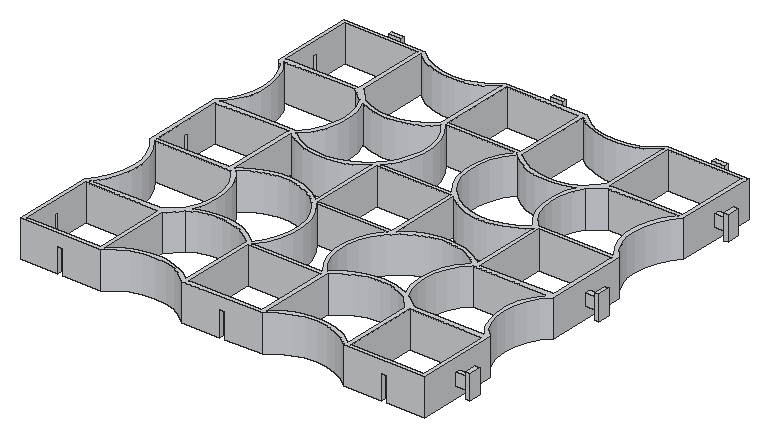
Revit family "E30", category Generic Models, Revit 2014
Parameters
  Model = "Ecoraster E30"
Reference planes
  plane 1 "Center (Front/Back)": y = 0
  plane 2: z = 0
  plane 3 "Center (Left/Right)": x = 0
  plane 4: y = 165
  plane 5: y = 297
  plane 6: y = 33
  plane 7: x = 33
  plane 8: x = 165
  plane 9: x = 297
  plane 10: y = 302
  plane 11: y = 292
  plane 12: y = 299
  plane 13: y = 295
Forms (mm)
  Extrusion 1, solid, detail levels fine
    sketch origin (0, 0, 0) x (1, 0, 0) y (0, 1, 0)
      loop
        line (66, 330) -> (0, 330) -> (0, 264)
        arc (0, 264) -> (13.669, 231) -> (0, 198) r 46.669
        line (0, 198) -> (0, 132)
        arc (0, 132) -> (13.669, 99) -> (0, 66) r 46.669
        line (0, 66) -> (0, 0) -> (66, 0)
        arc (66, 0) -> (99, 13.669) -> (132, 0) r 46.669
        line (132, 0) -> (198, 0)
        arc (198, 0) -> (231, 13.669) -> (264, 0) r 46.669
        line (264, 0) -> (330, 0) -> (330, 66)
        arc (330, 66) -> (316.331, 99) -> (330, 132) r 46.669
        line (330, 132) -> (330, 198)
        arc (330, 198) -> (316.331, 231) -> (330, 264) r 46.669
        line (330, 264) -> (330, 330) -> (264, 330)
        arc (264, 330) -> (231, 316.331) -> (198, 330) r 46.669
        line (198, 330) -> (132, 330)
        arc (132, 330) -> (99, 316.331) -> (66, 330) r 46.669
      loop
        line (3, 327) -> (3, 267) -> (63, 267) -> (63, 327) -> (3, 327)
      loop
        line (66, 325.878) -> (66, 268.122) -> (75.524, 256.665)
        arc (75.524, 256.665) -> (105.011, 250.72) -> (132, 264) r 46.669
        line (132, 264) -> (132, 325.878)
        arc (132, 325.878) -> (99, 313.331) -> (66, 325.878) r 49.669
      loop
        line (195, 327) -> (135, 327) -> (135, 267) -> (195, 267) -> (195, 327)
      loop
        line (198, 325.878) -> (198, 264)
        arc (198, 264) -> (224.989, 250.72) -> (254.476, 256.665) r 46.669
        line (254.476, 256.665) -> (264, 268.122) -> (264, 325.878)
        arc (264, 325.878) -> (231, 313.331) -> (198, 325.878) r 49.669
      loop
        line (327, 327) -> (267, 327) -> (267, 267) -> (327, 267) -> (327, 327)
      loop
        line (61.878, 264) -> (4.122, 264)
        arc (4.122, 264) -> (16.669, 231) -> (4.122, 198) r 49.669
        line (4.122, 198) -> (66, 198)
        arc (66, 198) -> (79.28, 224.989) -> (73.335, 254.476) r 46.669
        line (73.335, 254.476) -> (61.878, 264)
      loop
        arc (78.021, 251.979) -> (81.922, 222.416) -> (68.19, 195.947) r 49.669
        arc (68.19, 195.947) -> (132, 198) -> (134.053, 261.81) r 46.669
        arc (134.053, 261.81) -> (107.584, 248.078) -> (78.021, 251.979) r 49.669
      loop
        arc (136.122, 264) -> (148.669, 231) -> (136.122, 198) r 49.669
        line (136.122, 198) -> (193.878, 198)
        arc (193.878, 198) -> (181.331, 231) -> (193.878, 264) r 49.669
        line (193.878, 264) -> (136.122, 264)
      loop
        arc (195.947, 261.81) -> (198, 198) -> (261.81, 195.947) r 46.669
        arc (261.81, 195.947) -> (248.078, 222.416) -> (251.979, 251.979) r 49.669
        arc (251.979, 251.979) -> (222.416, 248.078) -> (195.947, 261.81) r 49.669
      loop
        line (268.122, 264) -> (256.665, 254.476)
        arc (256.665, 254.476) -> (250.72, 224.989) -> (264, 198) r 46.669
        line (264, 198) -> (325.878, 198)
        arc (325.878, 198) -> (313.331, 231) -> (325.878, 264) r 49.669
        line (325.878, 264) -> (268.122, 264)
      loop
        line (3, 195) -> (3, 135) -> (63, 135) -> (63, 195) -> (3, 195)
      loop
        line (66, 193.878) -> (66, 136.122)
        arc (66, 136.122) -> (99, 148.669) -> (132, 136.122) r 49.669
        line (132, 136.122) -> (132, 193.878)
        arc (132, 193.878) -> (99, 181.331) -> (66, 193.878) r 49.669
      loop
        line (195, 195) -> (135, 195) -> (135, 135) -> (195, 135) -> (195, 195)
      loop
        line (198, 193.878) -> (198, 136.122)
        arc (198, 136.122) -> (231, 148.669) -> (264, 136.122) r 49.669
        line (264, 136.122) -> (264, 193.878)
        arc (264, 193.878) -> (231, 181.331) -> (198, 193.878) r 49.669
      loop
        line (327, 195) -> (267, 195) -> (267, 135) -> (327, 135) -> (327, 195)
      loop
        line (66, 132) -> (4.122, 132)
        arc (4.122, 132) -> (16.669, 99) -> (4.122, 66) r 49.669
        line (4.122, 66) -> (61.878, 66) -> (73.335, 75.524)
        arc (73.335, 75.524) -> (79.28, 105.011) -> (66, 132) r 46.669
      loop
        arc (134.053, 68.19) -> (132, 132) -> (68.19, 134.053) r 46.669
        arc (68.19, 134.053) -> (81.922, 107.584) -> (78.021, 78.021) r 49.669
        arc (78.021, 78.021) -> (107.584, 81.922) -> (134.053, 68.19) r 49.669
      loop
        arc (136.122, 132) -> (148.669, 99) -> (136.122, 66) r 49.669
        line (136.122, 66) -> (193.878, 66)
        arc (193.878, 66) -> (181.331, 99) -> (193.878, 132) r 49.669
        line (193.878, 132) -> (136.122, 132)
      loop
        arc (261.81, 134.053) -> (198, 132) -> (195.947, 68.19) r 46.669
        arc (195.947, 68.19) -> (222.416, 81.922) -> (251.979, 78.021) r 49.669
        arc (251.979, 78.021) -> (248.078, 107.584) -> (261.81, 134.053) r 49.669
      loop
        arc (264, 132) -> (250.72, 105.011) -> (256.665, 75.524) r 46.669
        line (256.665, 75.524) -> (268.122, 66) -> (325.878, 66)
        arc (325.878, 66) -> (313.331, 99) -> (325.878, 132) r 49.669
        line (325.878, 132) -> (264, 132)
      loop
        line (63, 63) -> (3, 63) -> (3, 3) -> (63, 3) -> (63, 63)
      loop
        arc (132, 66) -> (105.011, 79.28) -> (75.524, 73.335) r 46.669
        line (75.524, 73.335) -> (66, 61.878) -> (66, 4.122)
        arc (66, 4.122) -> (99, 16.669) -> (132, 4.122) r 49.669
        line (132, 4.122) -> (132, 66)
      loop
        line (135, 63) -> (135, 3) -> (195, 3) -> (195, 63) -> (135, 63)
      loop
        arc (254.476, 73.335) -> (224.989, 79.28) -> (198, 66) r 46.669
        line (198, 66) -> (198, 4.122)
        arc (198, 4.122) -> (231, 16.669) -> (264, 4.122) r 49.669
        line (264, 4.122) -> (264, 61.878) -> (254.476, 73.335)
      loop
        line (267, 63) -> (267, 3) -> (327, 3) -> (327, 63) -> (267, 63)
    from 0 to 30
  Extrusion 2, solid, detail levels medium+fine
    sketch origin (0, 0, 0) x (1, 0, 0) y (0, 1, 0)
      loop
        line (330, 299) -> (330, 295) -> (340.742, 295) -> (340.742, 299) -> (330, 299)
    from 10 to 20
  Extrusion 3, solid, detail levels medium+fine
    sketch origin (0, 0, 0) x (1, 0, 0) y (0, 1, 0)
      loop
        line (340.742, 302) -> (340.742, 292) -> (344.123, 292) -> (344.123, 302) -> (340.742, 302)
    from 5 to 25
  Extrusion 4, solid, detail levels medium+fine
    sketch origin (0, -132, 0) x (1, 0, 0) y (0, 1, 0)
      loop
        line (330, 299) -> (330, 295) -> (340.742, 295) -> (340.742, 299) -> (330, 299)
    from 10 to 20
  Extrusion 5, solid, detail levels medium+fine
    sketch origin (0, -132, 0) x (1, 0, 0) y (0, 1, 0)
      loop
        line (340.742, 302) -> (340.742, 292) -> (344.123, 292) -> (344.123, 302) -> (340.742, 302)
    from 5 to 25
  Extrusion 6, solid, detail levels medium+fine
    sketch origin (0, -264, 0) x (1, 0, 0) y (0, 1, 0)
      loop
        line (330, 299) -> (330, 295) -> (340.742, 295) -> (340.742, 299) -> (330, 299)
    from 10 to 20
  Extrusion 7, solid, detail levels medium+fine
    sketch origin (0, -264, 0) x (1, 0, 0) y (0, 1, 0)
      loop
        line (340.742, 302) -> (340.742, 292) -> (344.123, 292) -> (344.123, 302) -> (340.742, 302)
    from 5 to 25
  Extrusion 8, solid, detail levels medium+fine
    sketch origin (594, 0, 0) x (0, 1, 0) y (-1, 0, 0)
      loop
        line (330, 299) -> (330, 295) -> (340.742, 295) -> (340.742, 299) -> (330, 299)
    from 10 to 20
  Extrusion 9, solid, detail levels medium+fine
    sketch origin (594, 0, 0) x (0, 1, 0) y (-1, 0, 0)
      loop
        line (340.742, 302) -> (340.742, 292) -> (344.123, 292) -> (344.123, 302) -> (340.742, 302)
    from 5 to 25
  Extrusion 10, solid, detail levels medium+fine
    sketch origin (462, 0, 0) x (0, 1, 0) y (-1, 0, 0)
      loop
        line (330, 299) -> (330, 295) -> (340.742, 295) -> (340.742, 299) -> (330, 299)
    from 10 to 20
  Extrusion 11, solid, detail levels medium+fine
    sketch origin (462, 0, 0) x (0, 1, 0) y (-1, 0, 0)
      loop
        line (340.742, 302) -> (340.742, 292) -> (344.123, 292) -> (344.123, 302) -> (340.742, 302)
    from 5 to 25
  Extrusion 12, solid, detail levels medium+fine
    sketch origin (330, 0, 0) x (0, 1, 0) y (-1, 0, 0)
      loop
        line (330, 299) -> (330, 295) -> (340.742, 295) -> (340.742, 299) -> (330, 299)
    from 10 to 20
  Extrusion 13, solid, detail levels medium+fine
    sketch origin (330, 0, 0) x (0, 1, 0) y (-1, 0, 0)
      loop
        line (340.742, 302) -> (340.742, 292) -> (344.123, 292) -> (344.123, 302) -> (340.742, 302)
    from 5 to 25
  Extrusion 14, void, detail levels fine
    sketch origin (0, 0, 0) x (1, 0, 0) y (0, 1, 0)
      loop
        line (0, 299) -> (0, 295) -> (3, 295) -> (3, 299) -> (0, 299)
    from 0 to 20
  Extrusion 15, void, detail levels fine
    sketch origin (0, -132, 0) x (1, 0, 0) y (0, 1, 0)
      loop
        line (0, 299) -> (0, 295) -> (3, 295) -> (3, 299) -> (0, 299)
    from 0 to 20
  Extrusion 16, void, detail levels fine
    sketch origin (0, -264, 0) x (1, 0, 0) y (0, 1, 0)
      loop
        line (0, 299) -> (0, 295) -> (3, 295) -> (3, 299) -> (0, 299)
    from 0 to 20
  Extrusion 17, void, detail levels fine
    sketch origin (-264, 3, 0) x (0, -1, 0) y (1, 0, 0)
      loop
        line (0, 299) -> (0, 295) -> (3, 295) -> (3, 299) -> (0, 299)
    from 0 to 20
  Extrusion 18, void, detail levels fine
    sketch origin (-132, 3, 0) x (0, -1, 0) y (1, 0, 0)
      loop
        line (0, 299) -> (0, 295) -> (3, 295) -> (3, 299) -> (0, 299)
    from 0 to 20
  Extrusion 19, void, detail levels fine
    sketch origin (0, 3, 0) x (0, -1, 0) y (1, 0, 0)
      loop
        line (0, 299) -> (0, 295) -> (3, 295) -> (3, 299) -> (0, 299)
    from 0 to 20
  Extrusion 20, solid, detail levels coarse+medium
    sketch origin (0, 0, 0) x (1, 0, 0) y (0, 1, 0)
      loop
        line (0, 330) -> (0, 0) -> (330, 0) -> (330, 330) -> (0, 330)
    from 0 to 30
  Extrusion 21, solid, detail levels coarse
    sketch origin (0, 0, 0) x (1, 0, 0) y (0, 1, 0)
      loop
        line (344.123, 28) -> (344.123, 302) -> (330, 302) -> (330, 28) -> (344.123, 28)
    from 5 to 25
  Extrusion 22, solid, detail levels coarse
    sketch origin (330, 0, 0) x (0, 1, 0) y (-1, 0, 0)
      loop
        line (344.123, 28) -> (344.123, 302) -> (330, 302) -> (330, 28) -> (344.123, 28)
    from 5 to 25
Cuts and joins
  Extrusion 14, Extrusion 15, Extrusion 16, Extrusion 17, Extrusion 18, Extrusion 19 cuts Extrusion 1
Lines and regions (mm)
  model lines, style "InvisibleLines"
    curve 1: arc (261.81, 134.053, 0) -> (198, 132, 0) -> (195.947, 68.19, 0) r 46.669
    curve 2: arc (264, 136.122, 0) -> (231, 148.669, 0) -> (198, 136.122, 0) r 49.669
    curve 3: arc (193.878, 132, 0) -> (181.331, 99, 0) -> (193.878, 66, 0) r 49.669
    curve 4: arc (264, 132, 0) -> (250.72, 105.011, 0) -> (256.665, 75.524, 0) r 46.669
    curve 5: arc (261.81, 134.053, 0) -> (248.078, 107.584, 0) -> (251.979, 78.021, 0) r 49.669
    curve 6: arc (254.476, 73.335, 0) -> (224.989, 79.28, 0) -> (198, 66, 0) r 46.669
    curve 7: arc (251.979, 78.021, 0) -> (222.416, 81.922, 0) -> (195.947, 68.19, 0) r 49.669
    curve 8: arc (330, 132, 0) -> (316.331, 99, 0) -> (330, 66, 0) r 46.669
    curve 9: arc (325.878, 132, 0) -> (313.331, 99, 0) -> (325.878, 66, 0) r 49.669
    curve 10: arc (264, 0, 0) -> (231, 13.669, 0) -> (198, 0, 0) r 46.669
    curve 11: arc (264, 4.122, 0) -> (231, 16.669, 0) -> (198, 4.122, 0) r 49.669
    curve 12: arc (134.053, 68.19, 0) -> (132, 132, 0) -> (68.19, 134.053, 0) r 46.669
    curve 13: arc (132, 136.122, 0) -> (99, 148.669, 0) -> (66, 136.122, 0) r 49.669
    curve 14: arc (136.122, 66, 0) -> (148.669, 99, 0) -> (136.122, 132, 0) r 49.669
    curve 15: arc (73.335, 75.524, 0) -> (79.28, 105.011, 0) -> (66, 132, 0) r 46.669
    curve 16: arc (78.021, 78.021, 0) -> (81.922, 107.584, 0) -> (68.19, 134.053, 0) r 49.669
    curve 17: arc (132, 66, 0) -> (105.011, 79.28, 0) -> (75.524, 73.335, 0) r 46.669
    curve 18: arc (134.053, 68.19, 0) -> (107.584, 81.922, 0) -> (78.021, 78.021, 0) r 49.669
    curve 19: arc (0, 66, 0) -> (13.669, 99, 0) -> (0, 132, 0) r 46.669
    curve 20: arc (4.122, 66, 0) -> (16.669, 99, 0) -> (4.122, 132, 0) r 49.669
    curve 21: arc (132, 0, 0) -> (99, 13.669, 0) -> (66, 0, 0) r 46.669
    curve 22: arc (132, 4.122, 0) -> (99, 16.669, 0) -> (66, 4.122, 0) r 49.669
    curve 23: arc (195.947, 261.81, 0) -> (198, 198, 0) -> (261.81, 195.947, 0) r 46.669
    curve 24: arc (198, 193.878, 0) -> (231, 181.331, 0) -> (264, 193.878, 0) r 49.669
    curve 25: arc (193.878, 264, 0) -> (181.331, 231, 0) -> (193.878, 198, 0) r 49.669
    curve 26: arc (256.665, 254.476, 0) -> (250.72, 224.989, 0) -> (264, 198, 0) r 46.669
    curve 27: arc (251.979, 251.979, 0) -> (248.078, 222.416, 0) -> (261.81, 195.947, 0) r 49.669
    curve 28: arc (198, 264, 0) -> (224.989, 250.72, 0) -> (254.476, 256.665, 0) r 46.669
    curve 29: arc (195.947, 261.81, 0) -> (222.416, 248.078, 0) -> (251.979, 251.979, 0) r 49.669
    curve 30: arc (330, 264, 0) -> (316.331, 231, 0) -> (330, 198, 0) r 46.669
    curve 31: arc (325.878, 264, 0) -> (313.331, 231, 0) -> (325.878, 198, 0) r 49.669
    curve 32: arc (198, 330, 0) -> (231, 316.331, 0) -> (264, 330, 0) r 46.669
    curve 33: arc (198, 325.878, 0) -> (231, 313.331, 0) -> (264, 325.878, 0) r 49.669
    curve 34: arc (68.19, 195.947, 0) -> (132, 198, 0) -> (134.053, 261.81, 0) r 46.669
    curve 35: arc (66, 193.878, 0) -> (99, 181.331, 0) -> (132, 193.878, 0) r 49.669
    curve 36: arc (136.122, 198, 0) -> (148.669, 231, 0) -> (136.122, 264, 0) r 49.669
    curve 37: arc (66, 198, 0) -> (79.28, 224.989, 0) -> (73.335, 254.476, 0) r 46.669
    curve 38: arc (68.19, 195.947, 0) -> (81.922, 222.416, 0) -> (78.021, 251.979, 0) r 49.669
    curve 39: arc (75.524, 256.665, 0) -> (105.011, 250.72, 0) -> (132, 264, 0) r 46.669
    curve 40: arc (78.021, 251.979, 0) -> (107.584, 248.078, 0) -> (134.053, 261.81, 0) r 49.669
    curve 41: arc (0, 198, 0) -> (13.669, 231, 0) -> (0, 264, 0) r 46.669
    curve 42: arc (4.122, 198, 0) -> (16.669, 231, 0) -> (4.122, 264, 0) r 49.669
    curve 43: arc (66, 330, 0) -> (99, 316.331, 0) -> (132, 330, 0) r 46.669
    curve 44: arc (66, 325.878, 0) -> (99, 313.331, 0) -> (132, 325.878, 0) r 49.669
    curve 45: line (132, 0, 0) -> (198, 0, 0)
    curve 46: line (264, 0, 0) -> (330, 0, 0)
    curve 47: line (330, 0, 0) -> (330, 66, 0)
    curve 48: line (136.122, 66, 0) -> (193.878, 66, 0)
    curve 49: line (195, 63, 0) -> (195, 3, 0)
    curve 50: line (195, 3, 0) -> (135, 3, 0)
    curve 51: line (135, 3, 0) -> (135, 63, 0)
    curve 52: line (135, 63, 0) -> (195, 63, 0)
    curve 53: line (256.665, 75.524, 0) -> (268.122, 66, 0)
    curve 54: line (268.122, 66, 0) -> (325.878, 66, 0)
    curve 55: line (327, 63, 0) -> (327, 3, 0)
    curve 56: line (327, 3, 0) -> (267, 3, 0)
    curve 57: line (267, 3, 0) -> (267, 63, 0)
    curve 58: line (267, 63, 0) -> (327, 63, 0)
    curve 59: line (136.122, 132, 0) -> (193.878, 132, 0)
    curve 60: line (195, 195, 0) -> (135, 195, 0)
    curve 61: line (135, 195, 0) -> (135, 135, 0)
    curve 62: line (135, 135, 0) -> (195, 135, 0)
    curve 63: line (195, 135, 0) -> (195, 195, 0)
    curve 64: line (264, 132, 0) -> (325.878, 132, 0)
    curve 65: line (327, 195, 0) -> (267, 195, 0)
    curve 66: line (267, 195, 0) -> (267, 135, 0)
    curve 67: line (267, 135, 0) -> (327, 135, 0)
    curve 68: line (327, 135, 0) -> (327, 195, 0)
    curve 69: line (330, 132, 0) -> (330, 198, 0)
    curve 70: line (264, 4.122, 0) -> (264, 61.878, 0)
    curve 71: line (264, 61.878, 0) -> (254.476, 73.335, 0)
    curve 72: line (264, 136.122, 0) -> (264, 193.878, 0)
    curve 73: line (198, 4.122, 0) -> (198, 66, 0)
    curve 74: line (198, 136.122, 0) -> (198, 193.878, 0)
    curve 75: line (66, 0, 0) -> (0, 0, 0)
    curve 76: line (0, 0, 0) -> (0, 66, 0)
    curve 77: line (73.335, 75.524, 0) -> (61.878, 66, 0)
    curve 78: line (61.878, 66, 0) -> (4.122, 66, 0)
    curve 79: line (3, 63, 0) -> (3, 3, 0)
    curve 80: line (3, 3, 0) -> (63, 3, 0)
    curve 81: line (63, 3, 0) -> (63, 63, 0)
    curve 82: line (63, 63, 0) -> (3, 63, 0)
    curve 83: line (66, 132, 0) -> (4.122, 132, 0)
    curve 84: line (3, 195, 0) -> (63, 195, 0)
    curve 85: line (63, 195, 0) -> (63, 135, 0)
    curve 86: line (63, 135, 0) -> (3, 135, 0)
    curve 87: line (3, 135, 0) -> (3, 195, 0)
    curve 88: line (0, 132, 0) -> (0, 198, 0)
    curve 89: line (66, 4.122, 0) -> (66, 61.878, 0)
    curve 90: line (66, 61.878, 0) -> (75.524, 73.335, 0)
    curve 91: line (66, 136.122, 0) -> (66, 193.878, 0)
    curve 92: line (132, 4.122, 0) -> (132, 66, 0)
    curve 93: line (132, 136.122, 0) -> (132, 193.878, 0)
    curve 94: line (132, 330, 0) -> (198, 330, 0)
    curve 95: line (264, 330, 0) -> (330, 330, 0)
    curve 96: line (330, 330, 0) -> (330, 264, 0)
    curve 97: line (136.122, 264, 0) -> (193.878, 264, 0)
    curve 98: line (195, 267, 0) -> (195, 327, 0)
    curve 99: line (195, 327, 0) -> (135, 327, 0)
    curve 100: line (135, 327, 0) -> (135, 267, 0)
    curve 101: line (135, 267, 0) -> (195, 267, 0)
    curve 102: line (256.665, 254.476, 0) -> (268.122, 264, 0)
    curve 103: line (268.122, 264, 0) -> (325.878, 264, 0)
    curve 104: line (327, 267, 0) -> (327, 327, 0)
    curve 105: line (327, 327, 0) -> (267, 327, 0)
    curve 106: line (267, 327, 0) -> (267, 267, 0)
    curve 107: line (267, 267, 0) -> (327, 267, 0)
    curve 108: line (136.122, 198, 0) -> (193.878, 198, 0)
    curve 109: line (264, 198, 0) -> (325.878, 198, 0)
    curve 110: line (264, 325.878, 0) -> (264, 268.122, 0)
    curve 111: line (264, 268.122, 0) -> (254.476, 256.665, 0)
    curve 112: line (198, 325.878, 0) -> (198, 264, 0)
    curve 113: line (66, 330, 0) -> (0, 330, 0)
    curve 114: line (0, 330, 0) -> (0, 264, 0)
    curve 115: line (73.335, 254.476, 0) -> (61.878, 264, 0)
    curve 116: line (61.878, 264, 0) -> (4.122, 264, 0)
    curve 117: line (3, 267, 0) -> (3, 327, 0)
    curve 118: line (3, 327, 0) -> (63, 327, 0)
    curve 119: line (63, 327, 0) -> (63, 267, 0)
    curve 120: line (63, 267, 0) -> (3, 267, 0)
    curve 121: line (66, 198, 0) -> (4.122, 198, 0)
    curve 122: line (66, 325.878, 0) -> (66, 268.122, 0)
    curve 123: line (66, 268.122, 0) -> (75.524, 256.665, 0)
    curve 124: line (132, 325.878, 0) -> (132, 264, 0)
Dimensions and locks
  aligned and locked: Extrusion 2 sketch curve to plane 12
  aligned and locked: Extrusion 2 sketch curve to curve 96
  aligned and locked: plane 13 to Extrusion 2 sketch curve
  aligned and locked: Extrusion 2 to Extrusion 3
  aligned and locked: Extrusion 4 to Extrusion 5  (x2)
  aligned and locked: Extrusion 6 to Extrusion 7  (x2)
  aligned and locked: Extrusion 4 to Extrusion 1
  aligned and locked: Extrusion 6 to Extrusion 1
  aligned and locked: Extrusion 9 to Extrusion 8  (x2)
  aligned and locked: Extrusion 11 to Extrusion 10  (x2)
  aligned and locked: Extrusion 13 to Extrusion 12  (x2)
  aligned and locked: Extrusion 8 to Extrusion 1
  aligned and locked: Extrusion 8 to Extrusion 9
  aligned and locked: Extrusion 10 to Extrusion 1
  aligned and locked: Extrusion 10 to Extrusion 11
  aligned and locked: Extrusion 12 to Extrusion 1
  aligned and locked: Extrusion 12 to Extrusion 13
  aligned and locked: Extrusion 14 sketch curve to plane 12
  aligned and locked: plane 3 "Center (Left/Right)" to Extrusion 14 sketch curve
  aligned and locked: plane 13 to Extrusion 14 sketch curve
  aligned and locked: Extrusion 14 sketch curve to curve 117
  aligned and locked: Extrusion 20 to cut or joined group of Extrusion 1, Extrusion 14, Extrusion 15, Extrusion 16, Extrusion 17, Extrusion 18, Extrusion 19
